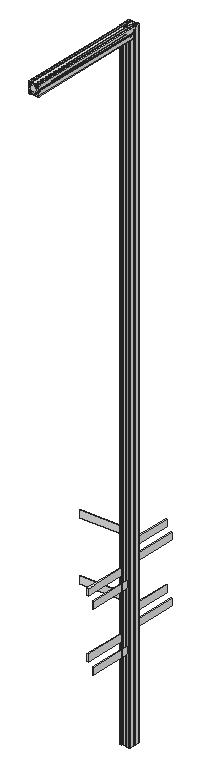
Revit family "Assmbly_PD6-Pole_3Bkt-2dbl-1singl_Rakks", category Specialty Equipment, Revit 2026
Family settings
  Round Connector Dimension = Use Diameter
  Part Type = Normal
  Classification Number = 23.40.50.31.11.14
  Work Plane-Based = No
  Enable Cutting in Views = No
  Always vertical = Yes
  Cut with Voids When Loaded = No
  Maintain Annotation Orientation = No
  Shared = Yes
  Room Calculation Point = No
Parameters
  Warranty Duration (Years) = 0
  Wall Location [instance] = 1' - 10 21/32"
  Unit Height [instance] = 10' - 0"
  URL = "http://www.rakks.com/"
  Type Comments = "Universal and Aria Brackets may not be used with SQ Standards"
  Test Data = "http://www.rakks.com/pdfs/Rangine_Corporation_Leed_Statement.pdf"
  Pole Type [instance] = Pole-PD6_Rakks : G Mount
  Specification = "http://www.arcat.com/sdspecs/htm/10670rak.htm"
  Shelf Overhang = 0' - 2"
  Shelf Length [instance] = 3' - 0"
  Send Message = "http://www.arcat.com/users.pl?action=UserEmail&company=Rangine%20Corp.%20-%20Rakks&coid=35076&rep=116&fax=781-455-8702&mf="
  Sales Information = "http://store.rakks.com/"
  Revision = "R1_03-2010"
  Product Properties = "http://www.arcat.com/bim/bim_info.pl?fn=Shelving_Rakks"
  Product Data = "http://www.arcat.com/arcatcos/cos35/arc35076.html"
  Model = ""
  Material = Metal - Clear Anodized
  Manufacturer's Notes = "Aluminum Shelves may only be used with rectangular brackets"
  Manufacturer Website = "http://www.rakks.com/"
  Manufacturer Phone - Toll Free = "800-826-6006"
  Manufacturer Phone = "781-455-8700"
  Manufacturer Fax = "781-455-8702"
  Manufacturer Address = "330 Reservoir St., Needham, MA 02494"
  Manufacturer = "Rangine Corp. - Rakks"
  Maintenance Schedule (Months) = 0
  Keynote = "10 56 00"
  Installation-Fabrication = "http://www.rakks.com/literature/install.html"
  Installation Phase = ""
  Ht8 [instance] = 1' - 1"
  Ht7 [instance] = 1' - 1"
  Ht6 [instance] = 0' - 11 15/32"
  Ht5 [instance] = 0' - 10 25/32"
  Ht4 [instance] = 1' - 2"
  Ht3 [instance] = 1' - 4"
  Ht2 [instance] = 0' - 11"
  Ht1 [instance] = 2' - 0 3/4"
  Green Building-LEED = "http://www.arcat.com/green/clients/leed_data_35076.html"
  Expected Lifespan (Years) = 0
  Drawn By = "Robert S. Weygant, CSI, CDT, SCIP"
  Description = ""
  Default Elevation = 0' - 0"
  Copyright = "2010, ARCAT, Inc"
  Construction Details = "http://www.arcat.com/details/rangine/rangine.html?coid=35076"
  Capacity (Weight) = 0.00 lbf
  Building Codes = ""
  Brackets [instance] = 2
  Bracket Type [instance] = Bkt-Rectangular_Rakks : Bkt-Rectangular_Rakks
  Bracket Location = 0' - 0 3/8"
  Assembly Code = "E1010500"
  9Offset [instance] = 0' - 7 227/256"
  8Offset [instance] = 0' - 2 33/64"
  8Bkt [instance] = Brackets > 7  # no
  7Offset [instance] = 0' - 4 25/64"
  7Bkt [instance] = Brackets > 6  # no
  6Offset [instance] = 0' - 6 1/64"
  6Bkt [instance] = Brackets > 5  # no
  5Offset [instance] = 0' - 7 227/256"
  5Bkt [instance] = Brackets > 4  # no
  4Offset [instance] = 0' - 2 33/64"
  4Bkt [instance] = Brackets > 3  # no
  3Offset [instance] = 0' - 4 25/64"
  3Bkt [instance] = Brackets > 2  # no
  32Offset [instance] = 0' - 2.51579"
  31Offset [instance] = 0' - 4.38896"
  30Offset [instance] = 0' - 6.01579"
  2Offset [instance] = 0' - 6 1/64"
  2Bkt [instance] = Brackets > 1  # yes
  29Offset [instance] = 0' - 7.88789"
  28Offset [instance] = 0' - 2.51579"
  27Offset [instance] = 0' - 4.38896"
  26Offset [instance] = 0' - 6.01579"
  25Offset [instance] = 0' - 7.88789"
  24Offset = 0' - 2.51579"
  23Offset [instance] = 0' - 4.38896"
  22Offset [instance] = 0' - 6.01579"
  21Offset [instance] = 0' - 7.88789"
  20Offset [instance] = 0' - 2.51579"
  1Offset [instance] = 0' - 7 227/256"
  19Offset [instance] = 0' - 4.38896"
  18Offset [instance] = 0' - 6.01579"
  17Offset [instance] = 0' - 7.88789"
  16Offset [instance] = 0' - 2.51579"
  15Offset [instance] = 0' - 4.38896"
  14Offset [instance] = 0' - 6.01579"
  13Offset [instance] = 0' - 7.88789"
  12Offset [instance] = 0' - 2 33/64"
  11Offset [instance] = 0' - 4 25/64"
  10Offset [instance] = 0' - 6 1/64"
Reference planes (in)
  plane 1 "Center (Front/Back)": y = 0
  plane 2: z = 0
  plane 3 "Center (Left/Right)": x = 0.21548
  plane 4: z = 120
  plane 5: y = -0.375
  plane 6: z = 24.75
  plane 7: z = 35.75
  plane 8: z = 51.75
  plane 9: z = 65.75
  plane 10: z = 76.53125
  plane 11: z = 88
  plane 12: x = 34.21548
  plane 13: x = -1.78452
  plane 14: x = 32.21548
  plane 15: y = -0.75
  plane 16: z = 101
  plane 17: z = 114
  plane 18: y = 0.375
  plane 19: y = 0.75
  plane 20: x = -0.15952
  plane 21: x = 0.59048
  plane 22: y = -22.28125
  plane 23: z = 111.48421
  plane 24: z = 109.61104
  plane 25: z = 107.98421
  plane 26: z = 106.11211
  plane 27: z = 98.48421
  plane 28: z = 96.61104
  plane 29: z = 94.98421
  plane 30: z = 93.11211
  plane 31: z = 85.48421
  plane 32: z = 83.61104
  plane 33: z = 81.98421
  plane 34: z = 80.11211
  plane 35: z = 74.01546
  plane 36: z = 72.14229
  plane 37: z = 70.51546
  plane 38: z = 68.64336
  plane 39: z = 49.23438
  plane 40: z = 47.35938
  plane 41: z = 45.73438
  plane 42: z = 43.86328
  plane 43: z = 33.23438
  plane 44: z = 31.35938
  plane 45: z = 29.73438
  plane 46: z = 27.86328
  plane 47: z = 22.23438
  plane 48: z = 20.35938
  plane 49: z = 18.73438
  plane 50: z = 16.86328
  plane 51: z = 63.23421
  plane 52: z = 61.36104
  plane 53: z = 59.73421
  plane 54: z = 57.86211
Dimensions and locks (in)
  "Unit Height": plane 4 to plane 2
  "Bracket Location": plane 5 to plane 1 "Center (Front/Back)"
  "Ht1": plane 6 to plane 2
  "Ht2": plane 7 to plane 6
  "Ht3": plane 8 to plane 7
  "Ht4": plane 9 to plane 8
  "Ht5": plane 10 to plane 9
  "Ht6": plane 11 to plane 10
  "Shelf Overhang": plane 13 to plane 3 "Center (Left/Right)"
  "Shelf Overhang": plane 14 to plane 12
  "Shelf Length": plane 13 to plane 12
  locked: plane 15 to plane 1 "Center (Front/Back)" at 0.75
  "Ht7": plane 16 to plane 11
  "Ht8": plane 17 to plane 16
  "Bracket Location": plane 1 "Center (Front/Back)" to plane 18
  locked: plane 1 "Center (Front/Back)" to plane 19 at 0.75
  "Bracket Location": plane 20 to plane 3 "Center (Left/Right)"
  "Bracket Location": plane 3 "Center (Left/Right)" to plane 21
  "Wall Location": plane 18 to plane 22
  "4Offset": plane 6 to plane 47
  "2Offset": plane 6 to plane 49
  "1Offset": plane 6 to plane 50
  "8Offset": plane 7 to plane 43
  "7Offset": plane 7 to plane 44
  "6Offset": plane 7 to plane 45
  "5Offset": plane 7 to plane 46
  "12Offset": plane 8 to plane 39
  "11Offset": plane 8 to plane 40
  "10Offset": plane 8 to plane 41
  "9Offset": plane 8 to plane 42
  "16Offset": plane 9 to plane 51
  "15Offset": plane 9 to plane 52
  "14Offset": plane 9 to plane 53
  "13Offset": plane 9 to plane 54
  "20Offset": plane 10 to plane 35
  "19Offset": plane 10 to plane 36
  "18Offset": plane 10 to plane 37
  "17Offset": plane 10 to plane 38
  "24Offset": plane 11 to plane 31
  "23Offset": plane 11 to plane 32
  "22Offset": plane 11 to plane 33
  "21Offset": plane 11 to plane 34
  "28Offset": plane 16 to plane 27
  "27Offset": plane 16 to plane 28
  "26Offset": plane 16 to plane 29
  "25Offset": plane 16 to plane 30
  "32Offset": plane 17 to plane 23
  "31Offset": plane 17 to plane 24
  "30Offset": plane 17 to plane 25
  "29Offset": plane 17 to plane 26
  "3Offset": plane 6 to plane 48
  aligned and locked: nested 1 to plane 3 "Center (Left/Right)"
  aligned and locked: plane 1 "Center (Front/Back)" to nested 1
  aligned and locked: nested 2 to plane 5
  aligned and locked: nested 8 to plane 5
  aligned and locked: nested 9 to plane 5
  aligned and locked: nested 10 to plane 18
  aligned and locked: nested 11 to plane 18
  aligned and locked: nested 12 to plane 18
  aligned and locked: nested 13 to plane 18
  aligned and locked: nested 14 to plane 18
  aligned and locked: nested 15 to plane 18
  aligned and locked: nested 16 to plane 18
  aligned and locked: nested 17 to plane 18
  aligned and locked: nested 7 to plane 5
  aligned and locked: nested 6 to plane 5
  aligned and locked: nested 5 to plane 5
  aligned and locked: nested 4 to plane 5
  aligned and locked: nested 3 to plane 5
  aligned and locked: nested 18 to plane 6
  aligned and locked: nested 19 to plane 7
  aligned and locked: nested 20 to plane 8
  aligned and locked: nested 21 to plane 9
  aligned and locked: nested 22 to plane 10
  aligned and locked: nested 23 to plane 11
  aligned and locked: nested 24 to plane 16
  aligned and locked: nested 25 to plane 17
  aligned and locked: plane 20 to nested 18
  aligned and locked: plane 20 to nested 19
  aligned and locked: plane 20 to nested 20
  aligned and locked: plane 20 to nested 21
  aligned and locked: plane 20 to nested 22
  aligned and locked: plane 20 to nested 23
  aligned and locked: plane 20 to nested 24
  aligned and locked: plane 20 to nested 25
  aligned and locked: plane 1 "Center (Front/Back)" to nested 24
  aligned and locked: plane 1 "Center (Front/Back)" to nested 25
  aligned and locked: plane 1 "Center (Front/Back)" to nested 23
  aligned and locked: plane 1 "Center (Front/Back)" to nested 22
  aligned and locked: plane 1 "Center (Front/Back)" to nested 21
  aligned and locked: plane 1 "Center (Front/Back)" to nested 20
  aligned and locked: plane 1 "Center (Front/Back)" to nested 19
  aligned and locked: plane 1 "Center (Front/Back)" to nested 18
  aligned and locked: nested 1 to plane 22
  aligned and locked: plane 20 to nested 9
  aligned and locked: plane 20 to nested 8
  aligned and locked: plane 20 to nested 7
  aligned and locked: plane 20 to nested 6
  aligned and locked: plane 20 to nested 5
  aligned and locked: plane 20 to nested 4
  aligned and locked: plane 20 to nested 3
  aligned and locked: plane 20 to nested 2
  aligned and locked: nested 11 to plane 20
  aligned and locked: nested 10 to plane 20
  aligned and locked: nested 12 to plane 20
  aligned and locked: nested 13 to plane 20
  aligned and locked: nested 14 to plane 20
  aligned and locked: nested 15 to plane 20
  aligned and locked: nested 16 to plane 20
  aligned and locked: nested 17 to plane 20
  aligned and locked: nested 26 to plane 21
  aligned and locked: nested 27 to plane 21
  aligned and locked: nested 28 to plane 21
  aligned and locked: nested 29 to plane 21
  aligned and locked: nested 30 to plane 21
  aligned and locked: nested 31 to plane 21
  aligned and locked: nested 32 to plane 21
  aligned and locked: nested 33 to plane 21
  aligned and locked: plane 21 to nested 34
  aligned and locked: plane 21 to nested 35
  aligned and locked: plane 21 to nested 36
  aligned and locked: plane 21 to nested 37
  aligned and locked: plane 21 to nested 38
  aligned and locked: plane 21 to nested 39
  aligned and locked: plane 21 to nested 40
  aligned and locked: plane 21 to nested 41
  aligned and locked: nested 17 to plane 23
  aligned and locked: nested 41 to plane 24
  aligned and locked: plane 25 to nested 9
  aligned and locked: plane 26 to nested 33
  aligned and locked: plane 30 to nested 32
  aligned and locked: plane 29 to nested 8
  aligned and locked: nested 40 to plane 28
  aligned and locked: nested 16 to plane 27
  aligned and locked: nested 15 to plane 31
  aligned and locked: nested 39 to plane 32
  aligned and locked: plane 33 to nested 7
  aligned and locked: plane 34 to nested 31
  aligned and locked: nested 14 to plane 35
  aligned and locked: nested 38 to plane 36
  aligned and locked: plane 37 to nested 6
  aligned and locked: plane 38 to nested 30
  aligned and locked: nested 13 to plane 51
  aligned and locked: nested 37 to plane 52
  aligned and locked: plane 53 to nested 5
  aligned and locked: plane 54 to nested 29
  aligned and locked: nested 12 to plane 39
  aligned and locked: nested 36 to plane 40
  aligned and locked: plane 41 to nested 4
  aligned and locked: plane 42 to nested 28
  aligned and locked: nested 11 to plane 43
  aligned and locked: nested 35 to plane 44
  aligned and locked: plane 45 to nested 3
  aligned and locked: plane 46 to nested 27
  aligned and locked: nested 10 to plane 47
  aligned and locked: nested 34 to plane 48
  aligned and locked: plane 49 to nested 2
  aligned and locked: plane 50 to nested 26
Nested families (in)
  nested 1: "Pole-PD6_Rakks" at (0.21548, 0, 0), type <- "Pole Type", Unit Height <- "Unit Height", type "G Mount"
    with WallLoc2 1' - 8 61/64", Wall Location 1' - 10 9/32", Unit Height 10' - 0", Has Return yes
  nested 2: "Bkt-Rectangular_Rakks" at (-0.28452, -0.375, 18.73438), type <- "Bracket Type", type "Bkt-Rectangular_Rakks"
  nested 3: "Bkt-Rectangular_Rakks" at (-0.28452, -0.375, 29.73438), type <- "Bracket Type", visible <- "2Bkt", type "Bkt-Rectangular_Rakks"
  nested 4: "Bkt-Rectangular_Rakks" at (-0.28452, -0.375, 45.73438), type <- "Bracket Type", visible <- "3Bkt", type "Bkt-Rectangular_Rakks"
  nested 5: "Bkt-Rectangular_Rakks" at (-0.28452, -0.375, 59.73421), type <- "Bracket Type", visible <- "4Bkt", type "Bkt-Rectangular_Rakks"
  nested 6: "Bkt-Rectangular_Rakks" at (-0.28452, -0.375, 70.51546), type <- "Bracket Type", visible <- "5Bkt", type "Bkt-Rectangular_Rakks"
  nested 7: "Bkt-Rectangular_Rakks" at (-0.28452, -0.375, 81.98421), type <- "Bracket Type", visible <- "6Bkt", type "Bkt-Rectangular_Rakks"
  nested 8: "Bkt-Rectangular_Rakks" at (-0.28452, -0.375, 94.98421), type <- "Bracket Type", visible <- "7Bkt", type "Bkt-Rectangular_Rakks"
  nested 9: "Bkt-Rectangular_Rakks" at (-0.28452, -0.375, 107.98421), type <- "Bracket Type", visible <- "8Bkt", type "Bkt-Rectangular_Rakks"
  nested 10: "Bkt-Rectangular_Rakks" at (-0.28452, 0.375, 22.23438), type <- "Bracket Type", type "Bkt-Rectangular_Rakks"
  nested 11: "Bkt-Rectangular_Rakks" at (-0.28452, 0.375, 33.23438), type <- "Bracket Type", visible <- "2Bkt", type "Bkt-Rectangular_Rakks"
  nested 12: "Bkt-Rectangular_Rakks" at (-0.28452, 0.375, 49.23438), type <- "Bracket Type", visible <- "3Bkt", type "Bkt-Rectangular_Rakks"
  nested 13: "Bkt-Rectangular_Rakks" at (-0.28452, 0.375, 63.23421), type <- "Bracket Type", visible <- "4Bkt", type "Bkt-Rectangular_Rakks"
  nested 14: "Bkt-Rectangular_Rakks" at (-0.28452, 0.375, 74.01546), type <- "Bracket Type", visible <- "5Bkt", type "Bkt-Rectangular_Rakks"
  nested 15: "Bkt-Rectangular_Rakks" at (-0.28452, 0.375, 85.48421), type <- "Bracket Type", visible <- "6Bkt", type "Bkt-Rectangular_Rakks"
  nested 16: "Bkt-Rectangular_Rakks" at (-0.28452, 0.375, 98.48421), type <- "Bracket Type", visible <- "7Bkt", type "Bkt-Rectangular_Rakks"
  nested 17: "Bkt-Rectangular_Rakks" at (-0.28452, 0.375, 111.48421), type <- "Bracket Type", visible <- "8Bkt", type "Bkt-Rectangular_Rakks"
  nested 18: "Bkt-Rectangular_Rakks" at (-0.15952, 0, 24.75) x (0, 1, 0) z (0, 0, 1), type <- "Bracket Type", type "Bkt-Rectangular_Rakks"
  nested 19: "Bkt-Rectangular_Rakks" at (-0.15952, 0, 35.75) x (0, 1, 0) z (0, 0, 1), type <- "Bracket Type", visible <- "2Bkt", type "Bkt-Rectangular_Rakks"
  nested 20: "Bkt-Rectangular_Rakks" at (-0.15952, 0, 51.75) x (0, 1, 0) z (0, 0, 1), type <- "Bracket Type", visible <- "3Bkt", type "Bkt-Rectangular_Rakks"
  nested 21: "Bkt-Rectangular_Rakks" at (-0.15952, 0, 65.75) x (0, 1, 0) z (0, 0, 1), type <- "Bracket Type", visible <- "4Bkt", type "Bkt-Rectangular_Rakks"
  nested 22: "Bkt-Rectangular_Rakks" at (-0.15952, 0, 76.53125) x (0, 1, 0) z (0, 0, 1), type <- "Bracket Type", visible <- "5Bkt", type "Bkt-Rectangular_Rakks"
  nested 23: "Bkt-Rectangular_Rakks" at (-0.15952, 0, 88) x (0, 1, 0) z (0, 0, 1), type <- "Bracket Type", visible <- "6Bkt", type "Bkt-Rectangular_Rakks"
  nested 24: "Bkt-Rectangular_Rakks" at (-0.15952, 0, 101) x (0, 1, 0) z (0, 0, 1), type <- "Bracket Type", visible <- "7Bkt", type "Bkt-Rectangular_Rakks"
  nested 25: "Bkt-Rectangular_Rakks" at (-0.15952, 0, 114) x (0, 1, 0) z (0, 0, 1), type <- "Bracket Type", visible <- "8Bkt", type "Bkt-Rectangular_Rakks"
  nested 26: "Bkt-Rectangular_Rakks" at (0.71548, -0.375, 16.86328), type <- "Bracket Type", type "Bkt-Rectangular_Rakks"
  nested 27: "Bkt-Rectangular_Rakks" at (0.71548, -0.375, 27.86328), type <- "Bracket Type", visible <- "2Bkt", type "Bkt-Rectangular_Rakks"
  nested 28: "Bkt-Rectangular_Rakks" at (0.71548, -0.375, 43.86328), type <- "Bracket Type", visible <- "3Bkt", type "Bkt-Rectangular_Rakks"
  nested 29: "Bkt-Rectangular_Rakks" at (0.71548, -0.375, 57.86211), type <- "Bracket Type", visible <- "4Bkt", type "Bkt-Rectangular_Rakks"
  nested 30: "Bkt-Rectangular_Rakks" at (0.71548, -0.375, 68.64336), type <- "Bracket Type", visible <- "5Bkt", type "Bkt-Rectangular_Rakks"
  nested 31: "Bkt-Rectangular_Rakks" at (0.71548, -0.375, 80.11211), type <- "Bracket Type", visible <- "6Bkt", type "Bkt-Rectangular_Rakks"
  nested 32: "Bkt-Rectangular_Rakks" at (0.71548, -0.375, 93.11211), type <- "Bracket Type", visible <- "7Bkt", type "Bkt-Rectangular_Rakks"
  nested 33: "Bkt-Rectangular_Rakks" at (0.71548, -0.375, 106.11211), type <- "Bracket Type", visible <- "8Bkt", type "Bkt-Rectangular_Rakks"
  nested 34: "Bkt-Rectangular_Rakks" at (0.71548, 0.375, 20.35938), type <- "Bracket Type", type "Bkt-Rectangular_Rakks"
  nested 35: "Bkt-Rectangular_Rakks" at (0.71548, 0.375, 31.35938), type <- "Bracket Type", visible <- "2Bkt", type "Bkt-Rectangular_Rakks"
  nested 36: "Bkt-Rectangular_Rakks" at (0.71548, 0.375, 47.35938), type <- "Bracket Type", visible <- "3Bkt", type "Bkt-Rectangular_Rakks"
  nested 37: "Bkt-Rectangular_Rakks" at (0.71548, 0.375, 61.36104), type <- "Bracket Type", visible <- "4Bkt", type "Bkt-Rectangular_Rakks"
  nested 38: "Bkt-Rectangular_Rakks" at (0.71548, 0.375, 72.14229), type <- "Bracket Type", visible <- "5Bkt", type "Bkt-Rectangular_Rakks"
  nested 39: "Bkt-Rectangular_Rakks" at (0.71548, 0.375, 83.61104), type <- "Bracket Type", visible <- "6Bkt", type "Bkt-Rectangular_Rakks"
  nested 40: "Bkt-Rectangular_Rakks" at (0.71548, 0.375, 96.61104), type <- "Bracket Type", visible <- "7Bkt", type "Bkt-Rectangular_Rakks"
  nested 41: "Bkt-Rectangular_Rakks" at (0.71548, 0.375, 109.61104), type <- "Bracket Type", visible <- "8Bkt", type "Bkt-Rectangular_Rakks"
Definition of nested family "Pole-PD6_Rakks"
  Parameters
    Warranty Duration (Years) = 0
    WallLoc2 [instance] = 1' - 8 61/64"
    Wall Location [instance] = 1' - 8 61/64"
    Unit Height [instance] = 8' - 0"
    URL = "http://www.rakks.com/"
    Test Data = "http://www.rakks.com/pdfs/Rangine_Corporation_Leed_Statement.pdf"
    Specification = "http://www.arcat.com/sdspecs/htm/10670rak.htm"
    Send Message = "http://www.arcat.com/users.pl?action=UserEmail&company=Rangine%20Corp.%20-%20Rakks&coid=35076&rep=116&fax=781-455-8702&mf="
    Sales Information = "http://store.rakks.com/"
    Revision = "R1_03-2010"
    Product Properties = "http://www.arcat.com/bim/bim_info.pl?fn=Shelving_Rakks"
    Product Data = "http://www.arcat.com/arcatcos/cos35/arc35076.html"
    Model = ""
    Material = none
    Manufacturer Website = "http://www.rakks.com/"
    Manufacturer Phone - Toll Free = "800-826-6006"
    Manufacturer Phone = "781-455-8700"
    Manufacturer Fax = "781-455-8702"
    Manufacturer Address = "330 Reservoir St., Needham, MA 02494"
    Manufacturer = "Rangine Corp. - Rakks"
    Maintenance Schedule (Months) = 0
    Keynote = "10 56 00"
    Installation-Fabrication = "http://www.rakks.com/literature/install.html"
    Installation Phase = ""
    Has Return [instance] = yes
    Green Building-LEED = "http://www.arcat.com/green/clients/leed_data_35076.html"
    Expected Lifespan (Years) = 0
    Drawn By = "Robert S. Weygant, CSI, CDT, SCIP"
    Description = ""
    Default Elevation = 0' - 0"
    Copyright = "2010, ARCAT, Inc"
    Construction Details = "http://www.arcat.com/details/rangine/rangine.html?coid=35076"
    Capacity (Weight) = 0.00 lbf
    Building Codes = ""
    Assembly Code = "E1010500"
  Reference planes (in)
    plane 1 "Center (Front/Back)": y = 0
    plane 2: z = 0
    plane 3 "Center (Left/Right)": x = 0
    plane 4: z = 96
    plane 5: x = -1
    plane 6: y = 1
    plane 7: y = -1
    plane 8: x = 1
    plane 9: y = -20.95313
  Forms (in)
    Extrusion 1, solid, material <- "Material"
      sketch origin (0, 0, 0) x (1, 0, 0) y (0, 1, 0)
        loop
          arc (-0.686, 0.905) -> (-0.6385, 0.9525) -> (-0.686, 1) r 0.0475
          line (-0.686, 1) -> (-0.875, 1)
          arc (-0.875, 1) -> (-0.96339, 0.96339) -> (-1, 0.875) r 0.125
          line (-1, 0.875) -> (-1, 0.1875)
          arc (-1, 0.1875) -> (-0.9525, 0.14) -> (-0.905, 0.1875) r 0.0475
          line (-0.905, 0.1875) -> (-0.905, 0.435) -> (-0.49775, 0.435) -> (-0.44813, 0.33582)
          arc (-0.44813, 0.33582) -> (-0.56, 0) -> (-0.44813, -0.33582) r 0.56
          line (-0.44813, -0.33582) -> (-0.49775, -0.435) -> (-0.905, -0.435) -> (-0.905, -0.1875)
          arc (-0.905, -0.1875) -> (-0.9525, -0.14) -> (-1, -0.1875) r 0.0475
          line (-1, -0.1875) -> (-1, -0.875)
          arc (-1, -0.875) -> (-0.96339, -0.96339) -> (-0.875, -1) r 0.125
          line (-0.875, -1) -> (-0.686, -1)
          arc (-0.686, -1) -> (-0.6385, -0.9525) -> (-0.686, -0.905) r 0.0475
          line (-0.686, -0.905) -> (-0.905, -0.905) -> (-0.905, -0.56) -> (-0.092, -0.56) -> (-0.092, -0.905) -> (-0.311, -0.905)
          arc (-0.311, -0.905) -> (-0.3585, -0.9525) -> (-0.311, -1) r 0.0475
          line (-0.311, -1) -> (0.311, -1)
          arc (0.311, -1) -> (0.3585, -0.9525) -> (0.311, -0.905) r 0.0475
          line (0.311, -0.905) -> (0.092, -0.905) -> (0.092, -0.56) -> (0.905, -0.56) -> (0.905, -0.905) -> (0.686, -0.905)
          arc (0.686, -0.905) -> (0.6385, -0.9525) -> (0.686, -1) r 0.0475
          line (0.686, -1) -> (0.875, -1)
          arc (0.875, -1) -> (0.96339, -0.96339) -> (1, -0.875) r 0.125
          line (1, -0.875) -> (1, -0.1875)
          arc (1, -0.1875) -> (0.9525, -0.14) -> (0.905, -0.1875) r 0.0475
          line (0.905, -0.1875) -> (0.905, -0.435) -> (0.49775, -0.435) -> (0.44813, -0.33582)
          arc (0.44813, -0.33582) -> (0.56, 0) -> (0.44813, 0.33582) r 0.56
          line (0.44813, 0.33582) -> (0.49775, 0.435) -> (0.905, 0.435) -> (0.905, 0.1875)
          arc (0.905, 0.1875) -> (0.9525, 0.14) -> (1, 0.1875) r 0.0475
          line (1, 0.1875) -> (1, 0.875)
          arc (1, 0.875) -> (0.96339, 0.96339) -> (0.875, 1) r 0.125
          line (0.875, 1) -> (0.686, 1)
          arc (0.686, 1) -> (0.6385, 0.9525) -> (0.686, 0.905) r 0.0475
          line (0.686, 0.905) -> (0.905, 0.905) -> (0.905, 0.56) -> (0.092, 0.56) -> (0.092, 0.905) -> (0.311, 0.905)
          arc (0.311, 0.905) -> (0.3585, 0.9525) -> (0.311, 1) r 0.0475
          line (0.311, 1) -> (-0.311, 1)
          arc (-0.311, 1) -> (-0.3585, 0.9525) -> (-0.311, 0.905) r 0.0475
          line (-0.311, 0.905) -> (-0.092, 0.905) -> (-0.092, 0.56) -> (-0.905, 0.56) -> (-0.905, 0.905) -> (-0.686, 0.905)
      from 0 to 96
    Extrusion 2, solid, material <- "Material", visible <- "Has Return"
      sketch origin (0, 0, 0) x (1, 0, 0) y (0, 0, 1)
        loop
          arc (-0.686, 95.905) -> (-0.6385, 95.9525) -> (-0.686, 96) r 0.0475
          line (-0.686, 96) -> (-0.875, 96)
          arc (-0.875, 96) -> (-0.96339, 95.96339) -> (-1, 95.875) r 0.125
          line (-1, 95.875) -> (-1, 95.1875)
          arc (-1, 95.1875) -> (-0.9525, 95.14) -> (-0.905, 95.1875) r 0.0475
          line (-0.905, 95.1875) -> (-0.905, 95.435) -> (-0.49775, 95.435) -> (-0.44813, 95.33582)
          arc (-0.44813, 95.33582) -> (-0.56, 95) -> (-0.44813, 94.66418) r 0.56
          line (-0.44813, 94.66418) -> (-0.49775, 94.565) -> (-0.905, 94.565) -> (-0.905, 94.8125)
          arc (-0.905, 94.8125) -> (-0.9525, 94.86) -> (-1, 94.8125) r 0.0475
          line (-1, 94.8125) -> (-1, 94.125)
          arc (-1, 94.125) -> (-0.96339, 94.03661) -> (-0.875, 94) r 0.125
          line (-0.875, 94) -> (-0.686, 94)
          arc (-0.686, 94) -> (-0.6385, 94.0475) -> (-0.686, 94.095) r 0.0475
          line (-0.686, 94.095) -> (-0.905, 94.095) -> (-0.905, 94.44) -> (-0.092, 94.44) -> (-0.092, 94.095) -> (-0.311, 94.095)
          arc (-0.311, 94.095) -> (-0.3585, 94.0475) -> (-0.311, 94) r 0.0475
          line (-0.311, 94) -> (0.311, 94)
          arc (0.311, 94) -> (0.3585, 94.0475) -> (0.311, 94.095) r 0.0475
          line (0.311, 94.095) -> (0.092, 94.095) -> (0.092, 94.44) -> (0.905, 94.44) -> (0.905, 94.095) -> (0.686, 94.095)
          arc (0.686, 94.095) -> (0.6385, 94.0475) -> (0.686, 94) r 0.0475
          line (0.686, 94) -> (0.875, 94)
          arc (0.875, 94) -> (0.96339, 94.03661) -> (1, 94.125) r 0.125
          line (1, 94.125) -> (1, 94.8125)
          arc (1, 94.8125) -> (0.9525, 94.86) -> (0.905, 94.8125) r 0.0475
          line (0.905, 94.8125) -> (0.905, 94.565) -> (0.49775, 94.565) -> (0.44813, 94.66418)
          arc (0.44813, 94.66418) -> (0.56, 95) -> (0.44813, 95.33582) r 0.56
          line (0.44813, 95.33582) -> (0.49775, 95.435) -> (0.905, 95.435) -> (0.905, 95.1875)
          arc (0.905, 95.1875) -> (0.9525, 95.14) -> (1, 95.1875) r 0.0475
          line (1, 95.1875) -> (1, 95.875)
          arc (1, 95.875) -> (0.96339, 95.96339) -> (0.875, 96) r 0.125
          line (0.875, 96) -> (0.686, 96)
          arc (0.686, 96) -> (0.6385, 95.9525) -> (0.686, 95.905) r 0.0475
          line (0.686, 95.905) -> (0.905, 95.905) -> (0.905, 95.56) -> (0.092, 95.56) -> (0.092, 95.905) -> (0.311, 95.905)
          arc (0.311, 95.905) -> (0.3585, 95.9525) -> (0.311, 96) r 0.0475
          line (0.311, 96) -> (-0.311, 96)
          arc (-0.311, 96) -> (-0.3585, 95.9525) -> (-0.311, 95.905) r 0.0475
          line (-0.311, 95.905) -> (-0.092, 95.905) -> (-0.092, 95.56) -> (-0.905, 95.56) -> (-0.905, 95.905) -> (-0.686, 95.905)
      from 0 to 20.95313
  Dimensions and locks (in)
    "Unit Height": plane 4 to plane 2
    "Wall Location": plane 1 "Center (Front/Back)" to plane 9
    aligned and locked: plane 4 to Extrusion 1
    aligned and locked: plane 9 to Extrusion 2
    aligned and locked: Extrusion 2 to plane 1 "Center (Front/Back)"
  Automatic sketch dimensions
    Extrusion 1 sketch curve to Extrusion 1 sketch curve = 0' - 0"  (x10)
    Extrusion 1 sketch curve to plane 1 "Center (Front/Back)" = 0' - 0"
    Extrusion 1 sketch curve to plane 3 "Center (Left/Right)" = 0' - 0"
    Extrusion 1 sketch curve to plane 3 "Center (Left/Right)" = 0' - 0.092"  (x2)
    Extrusion 1 sketch curve to Extrusion 1 sketch curve = 0' - 0.219"  (x4)
    Extrusion 1 sketch curve to Extrusion 1 sketch curve = 0' - 0.35613"  (x4)
    Extrusion 1 sketch curve to Extrusion 1 sketch curve = 0' - 0.04961"  (x4)
    Extrusion 1 sketch curve to Extrusion 1 sketch curve = 0' - 0 3/8"  (x4)
    Extrusion 1 sketch curve to Extrusion 1 sketch curve = 0' - 0.189"  (x4)
    Extrusion 1 sketch curve to Extrusion 1 sketch curve = 0' - 0.03"  (x3)
    plane 1 "Center (Front/Back)" to Extrusion 1 sketch curve = 0' - 0 3/16"  (x2)
    Extrusion 1 sketch curve to Extrusion 1 sketch curve = 0' - 0.40725"  (x2)
    Extrusion 1 sketch curve to Extrusion 1 sketch curve = 0' - 0.0475"  (x6)
    plane 3 "Center (Left/Right)" to Extrusion 1 sketch curve = 0' - 0.092"  (x2)
    plane 1 "Center (Front/Back)" to Extrusion 1 sketch curve = 0' - 0.33582"  (x2)
    Extrusion 1 sketch curve to Extrusion 1 sketch curve = 0' - 0.2475"  (x2)
    Extrusion 1 sketch curve to Extrusion 1 sketch curve = 0' - 0.09918"  (x2)
    Extrusion 1 sketch curve to Extrusion 1 sketch curve = 0' - 0.22418"  (x2)
    Extrusion 1 sketch curve to Extrusion 1 sketch curve = 0' - 0 1/8"
    Extrusion 1 sketch curve to Extrusion 1 sketch curve = 0' - 0.315"  (x4)
    Extrusion 1 sketch curve to Extrusion 1 sketch curve = 0' - 0.095"  (x4)
    Extrusion 1 sketch curve to plane 1 "Center (Front/Back)" = 0' - 0 3/16"  (x2)
    Extrusion 2 sketch curve to Extrusion 2 sketch curve = 0' - 0"  (x8)
    Extrusion 2 sketch curve to plane 8 = 0' - 0.095"  (x4)
    Extrusion 2 sketch curve to plane 8 = 0' - 0 1/8"  (x2)
    Extrusion 2 sketch curve to Extrusion 2 sketch curve = 0' - 0.189"  (x4)
    Extrusion 2 sketch curve to Extrusion 2 sketch curve = 0' - 0.40725"  (x2)
    Extrusion 2 sketch curve to Extrusion 2 sketch curve = 0' - 0.04961"  (x4)
    Extrusion 2 sketch curve to Extrusion 2 sketch curve = 0' - 0 3/8"  (x6)
    plane 3 "Center (Left/Right)" to Extrusion 2 sketch curve = 0' - 0.092"  (x2)
    plane 3 "Center (Left/Right)" to Extrusion 2 sketch curve = 0' - 0"
    Extrusion 2 sketch curve to plane 3 "Center (Left/Right)" = 0' - 0.092"  (x2)
    Extrusion 2 sketch curve to plane 3 "Center (Left/Right)" = 0' - 0.311"  (x2)
    Extrusion 2 sketch curve to plane 3 "Center (Left/Right)" = 0' - 0.44813"  (x2)
    Extrusion 2 sketch curve to Extrusion 2 sketch curve = 0' - 0.03"
    Extrusion 2 sketch curve to plane 5 = 0' - 0.095"
    Extrusion 2 sketch curve to Extrusion 2 sketch curve = 0' - 0.0475"  (x7)
    Extrusion 2 sketch curve to plane 8 = 0' - 0.0475"  (x2)
    Extrusion 2 sketch curve to plane 4 = 0' - 2"
    Extrusion 2 sketch curve to Extrusion 2 sketch curve = 0' - 0.345"
    Extrusion 2 sketch curve to Extrusion 2 sketch curve = 0' - 0.315"  (x3)
    Extrusion 2 sketch curve to Extrusion 2 sketch curve = 0' - 0 1/8"  (x2)
    Extrusion 2 sketch curve to Extrusion 2 sketch curve = 0' - 0.09918"  (x3)
    Extrusion 2 sketch curve to Extrusion 2 sketch curve = 0' - 0.2475"  (x3)
    Extrusion 2 sketch curve to Extrusion 2 sketch curve = 0' - 0.33582"
    Extrusion 2 sketch curve to Extrusion 2 sketch curve = 0' - 0.22418"
    Extrusion 2 sketch curve to Extrusion 2 sketch curve = 0' - 0.095"  (x3)
Definition of nested family "Bkt-Rectangular_Rakks"
  Parameters
    Warranty Duration (Years) = 0
    Unit Depth = 0' - 8 3/4"
    URL = "http://www.rakks.com/"
    Test Data = "http://www.rakks.com/pdfs/Rangine_Corporation_Leed_Statement.pdf"
    Specification = "http://www.arcat.com/sdspecs/htm/10670rak.htm"
    Send Message = "http://www.arcat.com/users.pl?action=UserEmail&company=Rangine%20Corp.%20-%20Rakks&coid=35076&rep=116&fax=781-455-8702&mf="
    Sales Information = "http://store.rakks.com/"
    Default Elevation = 0' - 0"
    Bracket Thickness = 0' - 0 1/4"
    Bracket Depth = 0' - 1 1/4"
    Revision = "R1_03-2010"
    Product Properties = "http://www.arcat.com/bim/bim_info.pl?fn=Shelving_Rakks"
    Product Data = "http://www.arcat.com/arcatcos/cos35/arc35076.html"
    Model = ""
    Material = none
    Manufacturer Website = "http://www.rakks.com/"
    Manufacturer Phone - Toll Free = "800-826-6006"
    Manufacturer Phone = "781-455-8700"
    Manufacturer Fax = "781-455-8702"
    Manufacturer Address = "330 Reservoir St., Needham, MA 02494"
    Manufacturer = "Rangine Corp. - Rakks"
    Maintenance Schedule (Months) = 0
    Keynote = "10 56 00"
    Installation-Fabrication = "http://www.rakks.com/literature/install.html"
    Installation Phase = ""
    Green Building-LEED = "http://www.arcat.com/green/clients/leed_data_35076.html"
    Expected Lifespan (Years) = 0
    Drawn By = "Robert S. Weygant, CSI, CDT, SCIP"
    Description = ""
    Copyright = "2010, ARCAT, Inc"
    Construction Details = "http://www.arcat.com/details/rangine/rangine.html?coid=35076"
    Capacity (Weight) = 0.00 lbf
    Building Codes = ""
    Assembly Code = "E1010500"
  Reference planes (in)
    plane 1 "Back": y = 0
    plane 2: z = 0
    plane 3 "Center (Left/Right)": x = 0
    plane 4: y = -8.75
    plane 5: z = -1.25
    plane 6: x = -0.125
    plane 7: x = 0.125
    plane 8 "Mounting Face": y = -0.75
  Forms (in)
    Extrusion 1, solid, material <- "Material"
      sketch origin (0, 0, -0.5821) x (0, 1, 0) y (0, 0, 1)
        loop
          line (-8.75, -0.6679) -> (0, -0.6679) -> (0, 0.3321) -> (-0.25, 0.5821) -> (-8.75, 0.5821) -> (-8.75, -0.6679)
      from -0.125 to 0.125
  Dimensions and locks (in)
    "Unit Depth": plane 1 "Back" to plane 4
    "Bracket Depth": level to plane 5
    equal spacing: plane 7, plane 3 "Center (Left/Right)", plane 6
    "Bracket Thickness": plane 7 to plane 6
    aligned and locked: Extrusion 1 to plane 6
    aligned and locked: plane 7 to Extrusion 1
  Automatic sketch dimensions
    Extrusion 1 sketch curve to plane 4 = 0' - 0"
    Extrusion 1 sketch curve to level = 0' - 0"
    Extrusion 1 sketch curve to plane 1 "Back" = 0' - 0"
    Extrusion 1 sketch curve to plane 5 = 0' - 0"
    plane 1 "Back" to Extrusion 1 sketch curve = 0' - 0 1/4"
    Extrusion 1 sketch curve to level = 0' - 0 1/4"
